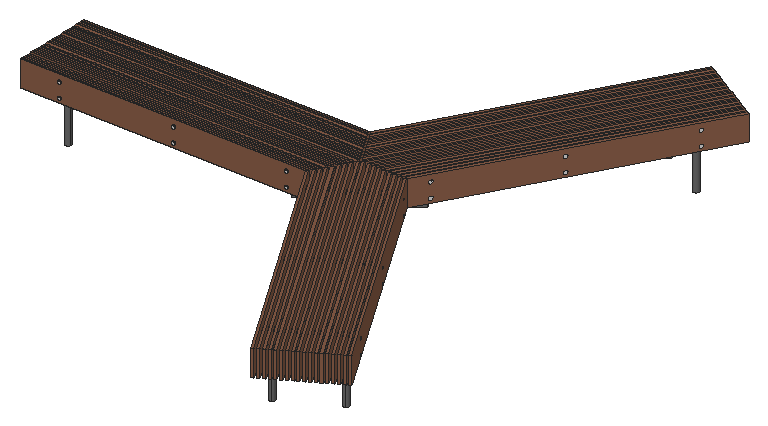
Revit family "FS_Скамейка_Линия трехлучевая_R16", category Антураж, Revit 2016 (continued)
Automatic sketch dimensions
  Extrusion 82 sketch curve to Extrusion 82 sketch curve = 50 mm
  Extrusion 83 sketch curve to Extrusion 83 sketch curve = 14 mm
  Extrusion 83 sketch curve to Extrusion 83 sketch curve = 50 mm
  Extrusion 84 sketch curve to Extrusion 84 sketch curve = 14 mm
  Extrusion 84 sketch curve to Extrusion 84 sketch curve = 50 mm
  Extrusion 85 sketch curve to Extrusion 85 sketch curve = 14 mm
  Extrusion 85 sketch curve to Extrusion 85 sketch curve = 50 mm
  Extrusion 86 sketch curve to Extrusion 86 sketch curve = 14 mm
  Extrusion 86 sketch curve to Extrusion 86 sketch curve = 50 mm
  Extrusion 87 sketch curve to Extrusion 87 sketch curve = 14 mm
  Extrusion 87 sketch curve to Extrusion 87 sketch curve = 50 mm
  Extrusion 88 sketch curve to Extrusion 88 sketch curve = 14 mm
  Extrusion 88 sketch curve to Extrusion 88 sketch curve = 50 mm
  Extrusion 89 sketch curve to Extrusion 89 sketch curve = 14 mm
  Extrusion 89 sketch curve to Extrusion 89 sketch curve = 50 mm
  Extrusion 90 sketch curve to Extrusion 90 sketch curve = 14 mm
  Extrusion 90 sketch curve to Extrusion 90 sketch curve = 50 mm
  Extrusion 91 sketch curve to Extrusion 91 sketch curve = 14 mm
  Extrusion 91 sketch curve to Extrusion 91 sketch curve = 50 mm
  Extrusion 92 sketch curve to Extrusion 92 sketch curve = 14 mm
  Extrusion 92 sketch curve to Extrusion 92 sketch curve = 50 mm
  Extrusion 93 sketch curve to Extrusion 93 sketch curve = 14 mm
  Extrusion 93 sketch curve to Extrusion 93 sketch curve = 50 mm
  Extrusion 94 sketch curve to Extrusion 94 sketch curve = 14 mm
  Extrusion 94 sketch curve to Extrusion 94 sketch curve = 50 mm
  Extrusion 95 sketch curve to Extrusion 95 sketch curve = 14 mm
  Extrusion 95 sketch curve to Extrusion 95 sketch curve = 50 mm
  Extrusion 96 sketch curve to Extrusion 96 sketch curve = 14 mm
  Extrusion 96 sketch curve to Extrusion 96 sketch curve = 50 mm
  Extrusion 97 sketch curve to Extrusion 97 sketch curve = 14 mm
  Extrusion 97 sketch curve to Extrusion 97 sketch curve = 50 mm
  Extrusion 98 sketch curve to Extrusion 98 sketch curve = 14 mm
  Extrusion 98 sketch curve to Extrusion 98 sketch curve = 50 mm
  Extrusion 99 sketch curve to Extrusion 99 sketch curve = 14 mm
  Extrusion 99 sketch curve to Extrusion 99 sketch curve = 50 mm
  Extrusion 100 sketch curve to Extrusion 100 sketch curve = 14 mm
  Extrusion 100 sketch curve to Extrusion 100 sketch curve = 50 mm
  Extrusion 101 sketch curve to Extrusion 101 sketch curve = 14 mm
  Extrusion 101 sketch curve to Extrusion 101 sketch curve = 50 mm
  Extrusion 102 sketch curve to Extrusion 102 sketch curve = 14 mm
  Extrusion 102 sketch curve to Extrusion 102 sketch curve = 50 mm
  Extrusion 103 sketch curve to Extrusion 103 sketch curve = 14 mm
  Extrusion 103 sketch curve to Extrusion 103 sketch curve = 50 mm
  Extrusion 104 sketch curve to Extrusion 104 sketch curve = 14 mm
  Extrusion 104 sketch curve to Extrusion 104 sketch curve = 50 mm
  Extrusion 105 sketch curve to Extrusion 105 sketch curve = 14 mm
  Extrusion 105 sketch curve to Extrusion 105 sketch curve = 50 mm
  Extrusion 106 sketch curve to Extrusion 106 sketch curve = 14 mm
  Extrusion 106 sketch curve to Extrusion 106 sketch curve = 50 mm
  Extrusion 107 sketch curve to Extrusion 107 sketch curve = 14 mm
  Extrusion 107 sketch curve to Extrusion 107 sketch curve = 50 mm
  Extrusion 108 sketch curve to Extrusion 108 sketch curve = 14 mm
  Extrusion 108 sketch curve to Extrusion 108 sketch curve = 50 mm
  Extrusion 109 sketch curve to Extrusion 109 sketch curve = 14 mm
  Extrusion 109 sketch curve to Extrusion 109 sketch curve = 50 mm
  Extrusion 110 sketch curve to Extrusion 110 sketch curve = 14 mm
  Extrusion 110 sketch curve to Extrusion 110 sketch curve = 50 mm
  Extrusion 111 sketch curve to Extrusion 111 sketch curve = 14 mm
  Extrusion 111 sketch curve to Extrusion 111 sketch curve = 50 mm
  Extrusion 112 sketch curve to Extrusion 112 sketch curve = 14 mm
  Extrusion 112 sketch curve to Extrusion 112 sketch curve = 50 mm
  Extrusion 113 sketch curve to Extrusion 113 sketch curve = 14 mm
  Extrusion 113 sketch curve to Extrusion 113 sketch curve = 50 mm
  Extrusion 114 sketch curve to Extrusion 114 sketch curve = 14 mm
  Extrusion 114 sketch curve to Extrusion 114 sketch curve = 50 mm
  Extrusion 115 sketch curve to Extrusion 115 sketch curve = 14 mm
  Extrusion 115 sketch curve to Extrusion 115 sketch curve = 50 mm
  Extrusion 116 sketch curve to Extrusion 116 sketch curve = 14 mm
  Extrusion 116 sketch curve to Extrusion 116 sketch curve = 50 mm
  Extrusion 117 sketch curve to Extrusion 117 sketch curve = 14 mm
  Extrusion 117 sketch curve to Extrusion 117 sketch curve = 50 mm
  Extrusion 118 sketch curve to Extrusion 118 sketch curve = 14 mm
  Extrusion 118 sketch curve to Extrusion 118 sketch curve = 50 mm
  Extrusion 119 sketch curve to Extrusion 119 sketch curve = 14 mm
  Extrusion 119 sketch curve to Extrusion 119 sketch curve = 50 mm
  Extrusion 120 sketch curve to Extrusion 120 sketch curve = 14 mm
  Extrusion 120 sketch curve to Extrusion 120 sketch curve = 50 mm
  Extrusion 121 sketch curve to Extrusion 121 sketch curve = 14 mm
  Extrusion 121 sketch curve to Extrusion 121 sketch curve = 50 mm
  Extrusion 122 sketch curve to Extrusion 122 sketch curve = 14 mm
  Extrusion 122 sketch curve to Extrusion 122 sketch curve = 50 mm
  Extrusion 123 sketch curve to Extrusion 123 sketch curve = 14 mm
  Extrusion 123 sketch curve to Extrusion 123 sketch curve = 50 mm
  Extrusion 124 sketch curve to Extrusion 124 sketch curve = 14 mm
  Extrusion 124 sketch curve to Extrusion 124 sketch curve = 50 mm
  Extrusion 125 sketch curve to Extrusion 125 sketch curve = 14 mm
  Extrusion 125 sketch curve to Extrusion 125 sketch curve = 50 mm
  Extrusion 126 sketch curve to Extrusion 126 sketch curve = 14 mm
  Extrusion 126 sketch curve to Extrusion 126 sketch curve = 50 mm
  Extrusion 127 sketch curve to Extrusion 127 sketch curve = 14 mm
  Extrusion 127 sketch curve to Extrusion 127 sketch curve = 50 mm
  Extrusion 128 sketch curve to Extrusion 128 sketch curve = 14 mm
  Extrusion 128 sketch curve to Extrusion 128 sketch curve = 50 mm
  Extrusion 129 sketch curve to Extrusion 129 sketch curve = 14 mm
  Extrusion 129 sketch curve to Extrusion 129 sketch curve = 50 mm
  Extrusion 130 sketch curve to Extrusion 130 sketch curve = 14 mm
  Extrusion 130 sketch curve to Extrusion 130 sketch curve = 50 mm
  Extrusion 131 sketch curve to Extrusion 131 sketch curve = 14 mm
  Extrusion 131 sketch curve to Extrusion 131 sketch curve = 50 mm
  Extrusion 132 sketch curve to Extrusion 132 sketch curve = 14 mm
  Extrusion 132 sketch curve to Extrusion 132 sketch curve = 50 mm
  Extrusion 133 sketch curve to Extrusion 133 sketch curve = 14 mm
  Extrusion 133 sketch curve to Extrusion 133 sketch curve = 50 mm
  Extrusion 134 sketch curve to Extrusion 134 sketch curve = 14 mm
  Extrusion 134 sketch curve to Extrusion 134 sketch curve = 50 mm
  Extrusion 135 sketch curve to Extrusion 135 sketch curve = 14 mm
  Extrusion 135 sketch curve to Extrusion 135 sketch curve = 50 mm
  Extrusion 136 sketch curve to Extrusion 136 sketch curve = 14 mm
  Extrusion 136 sketch curve to Extrusion 136 sketch curve = 50 mm
  Extrusion 137 sketch curve to Extrusion 137 sketch curve = 14 mm
  Extrusion 137 sketch curve to Extrusion 137 sketch curve = 50 mm
  Extrusion 138 sketch curve to Extrusion 138 sketch curve = 14 mm
  Extrusion 138 sketch curve to Extrusion 138 sketch curve = 50 mm
  Extrusion 139 sketch curve to Extrusion 139 sketch curve = 14 mm
  Extrusion 139 sketch curve to Extrusion 139 sketch curve = 50 mm
  Extrusion 140 sketch curve to Extrusion 140 sketch curve = 14 mm
  Extrusion 140 sketch curve to Extrusion 140 sketch curve = 50 mm
  Extrusion 141 sketch curve to Extrusion 141 sketch curve = 14 mm
  Extrusion 141 sketch curve to Extrusion 141 sketch curve = 50 mm
  Extrusion 142 sketch curve to Extrusion 142 sketch curve = 14 mm
  Extrusion 142 sketch curve to Extrusion 142 sketch curve = 50 mm
  Extrusion 143 sketch curve to Extrusion 143 sketch curve = 14 mm
  Extrusion 143 sketch curve to Extrusion 143 sketch curve = 50 mm
  Extrusion 144 sketch curve to Extrusion 144 sketch curve = 14 mm
  Extrusion 144 sketch curve to Extrusion 144 sketch curve = 50 mm
  Extrusion 145 sketch curve to Extrusion 145 sketch curve = 14 mm
  Extrusion 145 sketch curve to Extrusion 145 sketch curve = 50 mm
  Extrusion 146 sketch curve to Extrusion 146 sketch curve = 14 mm
  Extrusion 146 sketch curve to Extrusion 146 sketch curve = 50 mm
  Extrusion 147 sketch curve to Extrusion 147 sketch curve = 14 mm
  Extrusion 147 sketch curve to Extrusion 147 sketch curve = 50 mm
  Extrusion 148 sketch curve to Extrusion 148 sketch curve = 14 mm
  Extrusion 148 sketch curve to Extrusion 148 sketch curve = 50 mm
  Extrusion 149 sketch curve to Extrusion 149 sketch curve = 14 mm
  Extrusion 149 sketch curve to Extrusion 149 sketch curve = 50 mm
  Extrusion 150 sketch curve to Extrusion 150 sketch curve = 14 mm
  Extrusion 150 sketch curve to Extrusion 150 sketch curve = 50 mm
  Extrusion 151 sketch curve to Extrusion 151 sketch curve = 14 mm
  Extrusion 151 sketch curve to Extrusion 151 sketch curve = 50 mm
  Extrusion 152 sketch curve to Extrusion 152 sketch curve = 14 mm
  Extrusion 152 sketch curve to Extrusion 152 sketch curve = 50 mm
  Extrusion 153 sketch curve to Extrusion 153 sketch curve = 14 mm
  Extrusion 153 sketch curve to Extrusion 153 sketch curve = 50 mm
  Extrusion 154 sketch curve to Extrusion 154 sketch curve = 14 mm
  Extrusion 154 sketch curve to Extrusion 154 sketch curve = 50 mm
  Extrusion 155 sketch curve to Extrusion 155 sketch curve = 0 mm  (x5)
  Extrusion 155 sketch curve to Extrusion 155 sketch curve = 745 mm
  Extrusion 156 sketch curve to Extrusion 156 sketch curve = 0 mm  (x5)
  Extrusion 155 sketch curve to Extrusion 155 sketch curve = 750 mm
  Extrusion 155 sketch curve to Extrusion 155 sketch curve = 95 mm  (x3)
  Extrusion 156 sketch curve to Extrusion 156 sketch curve = 745 mm
  Extrusion 156 sketch curve to Extrusion 156 sketch curve = 750 mm
  Extrusion 156 sketch curve to Extrusion 156 sketch curve = 95 mm  (x3)
  Extrusion 157 sketch curve to Extrusion 157 sketch curve = 0 mm  (x5)
  Extrusion 157 sketch curve to Extrusion 157 sketch curve = 745 mm
  Extrusion 158 sketch curve to Extrusion 158 sketch curve = 0 mm  (x5)
  Extrusion 157 sketch curve to Extrusion 157 sketch curve = 750 mm
  Extrusion 157 sketch curve to Extrusion 157 sketch curve = 95 mm  (x3)
  Extrusion 158 sketch curve to Extrusion 158 sketch curve = 745 mm
  Extrusion 158 sketch curve to Extrusion 158 sketch curve = 750 mm
  Extrusion 158 sketch curve to Extrusion 158 sketch curve = 95 mm  (x3)
  Extrusion 159 sketch curve to Extrusion 159 sketch curve = 0 mm  (x5)
  Extrusion 159 sketch curve to Extrusion 159 sketch curve = 745 mm
  Extrusion 160 sketch curve to Extrusion 160 sketch curve = 0 mm  (x5)
  Extrusion 159 sketch curve to Extrusion 159 sketch curve = 750 mm
  Extrusion 159 sketch curve to Extrusion 159 sketch curve = 95 mm  (x3)
  Extrusion 160 sketch curve to Extrusion 160 sketch curve = 745 mm
  Extrusion 160 sketch curve to Extrusion 160 sketch curve = 750 mm
  Extrusion 160 sketch curve to Extrusion 160 sketch curve = 95 mm  (x3)
  Extrusion 155 sketch curve to nested 5 = 45 mm
  nested 5 to Extrusion 155 sketch curve = 128.157 mm
  Extrusion 156 sketch curve to plane 21 = 0 mm
  plane 18 to Extrusion 156 sketch curve = 30 mm
  Extrusion 157 sketch curve to plane 15 = 0 mm
  Extrusion 157 sketch curve to plane 19 = 45 mm
  Extrusion 158 sketch curve to plane 15 = 0 mm
  plane 18 to Extrusion 158 sketch curve = 30 mm
  Extrusion 159 sketch curve to plane 16 = 0 mm
  Extrusion 159 sketch curve to plane 19 = 45 mm
  Extrusion 160 sketch curve to plane 16 = 0 mm
  plane 18 to Extrusion 160 sketch curve = 30 mm
  plane 17 to Extrusion 1 sketch curve = 25 mm
  plane 7 to Extrusion 1 sketch curve = 18 mm
  plane 17 to Extrusion 2 sketch curve = 25 mm
  plane 7 to Extrusion 2 sketch curve = 48 mm
  plane 17 to Extrusion 3 sketch curve = 25 mm
  plane 7 to Extrusion 3 sketch curve = 78 mm
  plane 17 to Extrusion 4 sketch curve = 25 mm
  plane 7 to Extrusion 4 sketch curve = 108 mm
  plane 17 to Extrusion 5 sketch curve = 25 mm
  Extrusion 5 sketch curve to plane 1 "По центру (Вперед/Назад)" = 127 mm
  plane 17 to Extrusion 6 sketch curve = 25 mm
  Extrusion 6 sketch curve to plane 1 "По центру (Вперед/Назад)" = 97 mm
  plane 17 to Extrusion 7 sketch curve = 25 mm
  Extrusion 7 sketch curve to plane 1 "По центру (Вперед/Назад)" = 67 mm
  plane 17 to Extrusion 8 sketch curve = 25 mm
  Extrusion 8 sketch curve to plane 1 "По центру (Вперед/Назад)" = 37 mm
  Extrusion 9 sketch curve to plane 1 "По центру (Вперед/Назад)" = 7 mm
  plane 17 to Extrusion 9 sketch curve = 25 mm
  plane 17 to Extrusion 10 sketch curve = 25 mm
  plane 1 "По центру (Вперед/Назад)" to Extrusion 10 sketch curve = 23 mm
  plane 17 to Extrusion 11 sketch curve = 25 mm
  plane 1 "По центру (Вперед/Назад)" to Extrusion 11 sketch curve = 53 mm
  plane 17 to Extrusion 12 sketch curve = 25 mm
  plane 1 "По центру (Вперед/Назад)" to Extrusion 12 sketch curve = 83 mm
  plane 17 to Extrusion 13 sketch curve = 25 mm
  plane 1 "По центру (Вперед/Назад)" to Extrusion 13 sketch curve = 113 mm
  plane 17 to Extrusion 14 sketch curve = 25 mm
  Extrusion 14 sketch curve to plane 6 = 122 mm
  plane 17 to Extrusion 15 sketch curve = 25 mm
  Extrusion 15 sketch curve to plane 6 = 92 mm
  plane 17 to Extrusion 16 sketch curve = 25 mm
  Extrusion 16 sketch curve to plane 6 = 62 mm
  plane 17 to Extrusion 17 sketch curve = 25 mm
  Extrusion 17 sketch curve to plane 6 = 32 mm
  plane 21 to Extrusion 18 sketch curve = 25 mm
  plane 7 to Extrusion 18 sketch curve = 18 mm
  plane 21 to Extrusion 19 sketch curve = 25 mm
  plane 7 to Extrusion 19 sketch curve = 48 mm
  plane 21 to Extrusion 20 sketch curve = 25 mm
  plane 7 to Extrusion 20 sketch curve = 78 mm
  plane 21 to Extrusion 21 sketch curve = 25 mm
  plane 7 to Extrusion 21 sketch curve = 108 mm
  plane 21 to Extrusion 22 sketch curve = 25 mm
  Extrusion 22 sketch curve to plane 1 "По центру (Вперед/Назад)" = 127 mm
  plane 21 to Extrusion 23 sketch curve = 25 mm
  Extrusion 23 sketch curve to plane 1 "По центру (Вперед/Назад)" = 97 mm
  plane 21 to Extrusion 24 sketch curve = 25 mm
  Extrusion 24 sketch curve to plane 1 "По центру (Вперед/Назад)" = 67 mm
  plane 21 to Extrusion 25 sketch curve = 25 mm
  Extrusion 25 sketch curve to plane 1 "По центру (Вперед/Назад)" = 37 mm
  Extrusion 26 sketch curve to plane 1 "По центру (Вперед/Назад)" = 7 mm
  plane 21 to Extrusion 26 sketch curve = 25 mm
  plane 21 to Extrusion 27 sketch curve = 25 mm
  plane 1 "По центру (Вперед/Назад)" to Extrusion 27 sketch curve = 23 mm
  plane 21 to Extrusion 28 sketch curve = 25 mm
  plane 1 "По центру (Вперед/Назад)" to Extrusion 28 sketch curve = 53 mm
  plane 21 to Extrusion 29 sketch curve = 25 mm
  plane 1 "По центру (Вперед/Назад)" to Extrusion 29 sketch curve = 83 mm
  plane 21 to Extrusion 30 sketch curve = 25 mm
  plane 1 "По центру (Вперед/Назад)" to Extrusion 30 sketch curve = 113 mm
  plane 21 to Extrusion 31 sketch curve = 25 mm
  Extrusion 31 sketch curve to plane 6 = 122 mm
  plane 21 to Extrusion 32 sketch curve = 25 mm
  Extrusion 32 sketch curve to plane 6 = 92 mm
  plane 21 to Extrusion 33 sketch curve = 25 mm
  Extrusion 33 sketch curve to plane 6 = 62 mm
  plane 21 to Extrusion 34 sketch curve = 25 mm
  Extrusion 34 sketch curve to plane 6 = 32 mm
  plane 7 to Extrusion 35 sketch curve = 18 mm
  Extrusion 35 sketch curve to plane 3 "По центру (Влево/Вправо)" = 255 mm
  plane 7 to Extrusion 36 sketch curve = 48 mm
  Extrusion 36 sketch curve to plane 3 "По центру (Влево/Вправо)" = 255 mm
  plane 7 to Extrusion 37 sketch curve = 78 mm
  Extrusion 37 sketch curve to plane 3 "По центру (Влево/Вправо)" = 255 mm
  plane 7 to Extrusion 38 sketch curve = 108 mm
  Extrusion 38 sketch curve to plane 3 "По центру (Влево/Вправо)" = 255 mm
  Extrusion 39 sketch curve to plane 1 "По центру (Вперед/Назад)" = 127 mm
  Extrusion 39 sketch curve to plane 3 "По центру (Влево/Вправо)" = 255 mm
  Extrusion 40 sketch curve to plane 1 "По центру (Вперед/Назад)" = 97 mm
  Extrusion 40 sketch curve to plane 3 "По центру (Влево/Вправо)" = 255 mm
  Extrusion 41 sketch curve to plane 1 "По центру (Вперед/Назад)" = 67 mm
  Extrusion 41 sketch curve to plane 3 "По центру (Влево/Вправо)" = 255 mm
  Extrusion 42 sketch curve to plane 1 "По центру (Вперед/Назад)" = 37 mm
  Extrusion 42 sketch curve to plane 3 "По центру (Влево/Вправо)" = 255 mm
  Extrusion 43 sketch curve to plane 1 "По центру (Вперед/Назад)" = 7 mm
  Extrusion 43 sketch curve to plane 3 "По центру (Влево/Вправо)" = 255 mm
  plane 1 "По центру (Вперед/Назад)" to Extrusion 44 sketch curve = 23 mm
  Extrusion 44 sketch curve to plane 3 "По центру (Влево/Вправо)" = 255 mm
  plane 1 "По центру (Вперед/Назад)" to Extrusion 45 sketch curve = 53 mm
  Extrusion 45 sketch curve to plane 3 "По центру (Влево/Вправо)" = 255 mm
  plane 1 "По центру (Вперед/Назад)" to Extrusion 46 sketch curve = 83 mm
  Extrusion 46 sketch curve to plane 3 "По центру (Влево/Вправо)" = 255 mm
  plane 1 "По центру (Вперед/Назад)" to Extrusion 47 sketch curve = 113 mm
  Extrusion 47 sketch curve to plane 3 "По центру (Влево/Вправо)" = 255 mm
  Extrusion 48 sketch curve to plane 6 = 122 mm
  Extrusion 48 sketch curve to plane 3 "По центру (Влево/Вправо)" = 255 mm
  Extrusion 49 sketch curve to plane 6 = 92 mm
  Extrusion 49 sketch curve to plane 3 "По центру (Влево/Вправо)" = 255 mm
  Extrusion 50 sketch curve to plane 6 = 62 mm
  Extrusion 50 sketch curve to plane 3 "По центру (Влево/Вправо)" = 255 mm
  Extrusion 51 sketch curve to plane 6 = 32 mm
  Extrusion 51 sketch curve to plane 3 "По центру (Влево/Вправо)" = 255 mm
  plane 15 to Extrusion 53 sketch curve = 25 mm
  plane 9 to Extrusion 53 sketch curve = 18 mm
  plane 15 to Extrusion 54 sketch curve = 25 mm
  plane 9 to Extrusion 54 sketch curve = 48 mm
  plane 15 to Extrusion 55 sketch curve = 25 mm
  plane 9 to Extrusion 55 sketch curve = 78 mm
  plane 15 to Extrusion 56 sketch curve = 25 mm
  plane 9 to Extrusion 56 sketch curve = 108 mm
  plane 15 to Extrusion 57 sketch curve = 25 mm
  Extrusion 57 sketch curve to plane 4 = 127 mm
  plane 15 to Extrusion 58 sketch curve = 25 mm
  Extrusion 58 sketch curve to plane 4 = 97 mm
  plane 15 to Extrusion 59 sketch curve = 25 mm
  Extrusion 59 sketch curve to plane 4 = 67 mm
  plane 15 to Extrusion 60 sketch curve = 25 mm
  Extrusion 60 sketch curve to plane 4 = 37 mm
  Extrusion 61 sketch curve to plane 4 = 7 mm
  plane 15 to Extrusion 61 sketch curve = 25 mm
  plane 15 to Extrusion 62 sketch curve = 25 mm
  plane 4 to Extrusion 62 sketch curve = 23 mm
  plane 15 to Extrusion 63 sketch curve = 25 mm
  plane 4 to Extrusion 63 sketch curve = 53 mm
  plane 15 to Extrusion 64 sketch curve = 25 mm
  plane 4 to Extrusion 64 sketch curve = 83 mm
  plane 15 to Extrusion 65 sketch curve = 25 mm
  plane 4 to Extrusion 65 sketch curve = 113 mm
  plane 15 to Extrusion 66 sketch curve = 25 mm
  Extrusion 66 sketch curve to plane 8 = 122 mm
  plane 15 to Extrusion 67 sketch curve = 25 mm
  Extrusion 67 sketch curve to plane 8 = 92 mm
  plane 15 to Extrusion 68 sketch curve = 25 mm
  Extrusion 68 sketch curve to plane 8 = 62 mm
  plane 15 to Extrusion 69 sketch curve = 25 mm
  Extrusion 69 sketch curve to plane 8 = 32 mm
  plane 9 to Extrusion 70 sketch curve = 18 mm
  plane 15 to Extrusion 70 sketch curve = 775 mm
  plane 9 to Extrusion 71 sketch curve = 48 mm
  plane 15 to Extrusion 71 sketch curve = 775 mm
  plane 9 to Extrusion 72 sketch curve = 78 mm
  plane 15 to Extrusion 72 sketch curve = 775 mm
  plane 9 to Extrusion 73 sketch curve = 108 mm
  plane 15 to Extrusion 73 sketch curve = 775 mm
  Extrusion 74 sketch curve to plane 4 = 127 mm
  plane 15 to Extrusion 74 sketch curve = 775 mm
  Extrusion 75 sketch curve to plane 4 = 97 mm
  plane 15 to Extrusion 75 sketch curve = 775 mm
  Extrusion 76 sketch curve to plane 4 = 67 mm
  plane 15 to Extrusion 76 sketch curve = 775 mm
  Extrusion 77 sketch curve to plane 4 = 37 mm
  plane 15 to Extrusion 77 sketch curve = 775 mm
  Extrusion 78 sketch curve to plane 4 = 7 mm
  plane 15 to Extrusion 78 sketch curve = 775 mm
  plane 4 to Extrusion 79 sketch curve = 23 mm
  plane 15 to Extrusion 79 sketch curve = 775 mm
  plane 4 to Extrusion 80 sketch curve = 53 mm
  plane 15 to Extrusion 80 sketch curve = 775 mm
  plane 4 to Extrusion 81 sketch curve = 83 mm
  plane 15 to Extrusion 81 sketch curve = 775 mm
  plane 4 to Extrusion 82 sketch curve = 113 mm
  plane 15 to Extrusion 82 sketch curve = 775 mm
  Extrusion 83 sketch curve to plane 8 = 122 mm
  plane 15 to Extrusion 83 sketch curve = 775 mm
  Extrusion 84 sketch curve to plane 8 = 92 mm
  plane 15 to Extrusion 84 sketch curve = 775 mm
  Extrusion 85 sketch curve to plane 8 = 62 mm
  plane 15 to Extrusion 85 sketch curve = 775 mm
  Extrusion 86 sketch curve to plane 8 = 32 mm
  plane 15 to Extrusion 86 sketch curve = 775 mm
  plane 9 to Extrusion 87 sketch curve = 18 mm
  plane 15 to Extrusion 87 sketch curve = 1520 mm
  plane 9 to Extrusion 88 sketch curve = 48 mm
  plane 15 to Extrusion 88 sketch curve = 1520 mm
  plane 9 to Extrusion 89 sketch curve = 78 mm
  plane 15 to Extrusion 89 sketch curve = 1520 mm
  plane 9 to Extrusion 90 sketch curve = 108 mm
  plane 15 to Extrusion 90 sketch curve = 1520 mm
  Extrusion 91 sketch curve to plane 4 = 127 mm
  plane 15 to Extrusion 91 sketch curve = 1520 mm
  Extrusion 92 sketch curve to plane 4 = 97 mm
  plane 15 to Extrusion 92 sketch curve = 1520 mm
  Extrusion 93 sketch curve to plane 4 = 67 mm
  plane 15 to Extrusion 93 sketch curve = 1520 mm
  Extrusion 94 sketch curve to plane 4 = 37 mm
  plane 15 to Extrusion 94 sketch curve = 1520 mm
  Extrusion 95 sketch curve to plane 4 = 7 mm
  plane 15 to Extrusion 95 sketch curve = 1520 mm
  plane 4 to Extrusion 96 sketch curve = 23 mm
  plane 15 to Extrusion 96 sketch curve = 1520 mm
  plane 4 to Extrusion 97 sketch curve = 53 mm
  plane 15 to Extrusion 97 sketch curve = 1520 mm
  plane 4 to Extrusion 98 sketch curve = 83 mm
  plane 15 to Extrusion 98 sketch curve = 1520 mm
  plane 4 to Extrusion 99 sketch curve = 113 mm
  plane 15 to Extrusion 99 sketch curve = 1520 mm
  Extrusion 100 sketch curve to plane 8 = 122 mm
  plane 15 to Extrusion 100 sketch curve = 1520 mm
  Extrusion 101 sketch curve to plane 8 = 92 mm
  plane 15 to Extrusion 101 sketch curve = 1520 mm
  Extrusion 102 sketch curve to plane 8 = 62 mm
  plane 15 to Extrusion 102 sketch curve = 1520 mm
  Extrusion 103 sketch curve to plane 8 = 32 mm
  plane 15 to Extrusion 103 sketch curve = 1520 mm
  plane 16 to Extrusion 104 sketch curve = 25 mm
  plane 11 to Extrusion 104 sketch curve = 18 mm
  plane 16 to Extrusion 105 sketch curve = 25 mm
  plane 11 to Extrusion 105 sketch curve = 48 mm
  plane 16 to Extrusion 106 sketch curve = 25 mm
  plane 11 to Extrusion 106 sketch curve = 78 mm
  plane 16 to Extrusion 107 sketch curve = 25 mm
  plane 11 to Extrusion 107 sketch curve = 108 mm
  plane 16 to Extrusion 108 sketch curve = 25 mm
  Extrusion 108 sketch curve to plane 5 = 127 mm
  plane 16 to Extrusion 109 sketch curve = 25 mm
  Extrusion 109 sketch curve to plane 5 = 97 mm
  plane 16 to Extrusion 110 sketch curve = 25 mm
  Extrusion 110 sketch curve to plane 5 = 67 mm
  plane 16 to Extrusion 111 sketch curve = 25 mm
  Extrusion 111 sketch curve to plane 5 = 37 mm
  Extrusion 112 sketch curve to plane 5 = 7 mm
  plane 16 to Extrusion 112 sketch curve = 25 mm
  plane 16 to Extrusion 113 sketch curve = 25 mm
  plane 5 to Extrusion 113 sketch curve = 23 mm
  plane 16 to Extrusion 114 sketch curve = 25 mm
  plane 5 to Extrusion 114 sketch curve = 53 mm
  plane 16 to Extrusion 115 sketch curve = 25 mm
  plane 5 to Extrusion 115 sketch curve = 83 mm
  plane 16 to Extrusion 116 sketch curve = 25 mm
  plane 5 to Extrusion 116 sketch curve = 113 mm
  plane 16 to Extrusion 117 sketch curve = 25 mm
  Extrusion 117 sketch curve to plane 10 = 122 mm
  plane 16 to Extrusion 118 sketch curve = 25 mm
  Extrusion 118 sketch curve to plane 10 = 92 mm
  plane 16 to Extrusion 119 sketch curve = 25 mm
  Extrusion 119 sketch curve to plane 10 = 62 mm
  plane 16 to Extrusion 120 sketch curve = 25 mm
  Extrusion 120 sketch curve to plane 10 = 32 mm
  plane 11 to Extrusion 121 sketch curve = 18 mm
  plane 16 to Extrusion 121 sketch curve = 775 mm
  plane 11 to Extrusion 122 sketch curve = 48 mm
  plane 16 to Extrusion 122 sketch curve = 775 mm
  plane 11 to Extrusion 123 sketch curve = 78 mm
  plane 16 to Extrusion 123 sketch curve = 775 mm
  plane 11 to Extrusion 124 sketch curve = 108 mm
  plane 16 to Extrusion 124 sketch curve = 775 mm
  Extrusion 125 sketch curve to plane 5 = 127 mm
  plane 16 to Extrusion 125 sketch curve = 775 mm
  Extrusion 126 sketch curve to plane 5 = 97 mm
  plane 16 to Extrusion 126 sketch curve = 775 mm
  Extrusion 127 sketch curve to plane 5 = 67 mm
  plane 16 to Extrusion 127 sketch curve = 775 mm
  Extrusion 128 sketch curve to plane 5 = 37 mm
  plane 16 to Extrusion 128 sketch curve = 775 mm
  Extrusion 129 sketch curve to plane 5 = 7 mm
  plane 16 to Extrusion 129 sketch curve = 775 mm
  plane 5 to Extrusion 130 sketch curve = 23 mm
  plane 16 to Extrusion 130 sketch curve = 775 mm
  plane 5 to Extrusion 131 sketch curve = 53 mm
  plane 16 to Extrusion 131 sketch curve = 775 mm
  plane 5 to Extrusion 132 sketch curve = 83 mm
  plane 16 to Extrusion 132 sketch curve = 775 mm
  plane 5 to Extrusion 133 sketch curve = 113 mm
  plane 16 to Extrusion 133 sketch curve = 775 mm
  Extrusion 134 sketch curve to plane 10 = 122 mm
  plane 16 to Extrusion 134 sketch curve = 775 mm
  Extrusion 135 sketch curve to plane 10 = 92 mm
  plane 16 to Extrusion 135 sketch curve = 775 mm
  Extrusion 136 sketch curve to plane 10 = 62 mm
  plane 16 to Extrusion 136 sketch curve = 775 mm
  Extrusion 137 sketch curve to plane 10 = 32 mm
  plane 16 to Extrusion 137 sketch curve = 775 mm
  plane 11 to Extrusion 138 sketch curve = 18 mm
  plane 16 to Extrusion 138 sketch curve = 1520 mm
  plane 11 to Extrusion 139 sketch curve = 48 mm
  plane 16 to Extrusion 139 sketch curve = 1520 mm
  plane 11 to Extrusion 140 sketch curve = 78 mm
  plane 16 to Extrusion 140 sketch curve = 1520 mm
  plane 11 to Extrusion 141 sketch curve = 108 mm
  plane 16 to Extrusion 141 sketch curve = 1520 mm
  Extrusion 142 sketch curve to plane 5 = 127 mm
  plane 16 to Extrusion 142 sketch curve = 1520 mm
  Extrusion 143 sketch curve to plane 5 = 97 mm
  plane 16 to Extrusion 143 sketch curve = 1520 mm
  Extrusion 144 sketch curve to plane 5 = 67 mm
  plane 16 to Extrusion 144 sketch curve = 1520 mm
  Extrusion 145 sketch curve to plane 5 = 37 mm
  plane 16 to Extrusion 145 sketch curve = 1520 mm
  Extrusion 146 sketch curve to plane 5 = 7 mm
  plane 16 to Extrusion 146 sketch curve = 1520 mm
  plane 5 to Extrusion 147 sketch curve = 23 mm
  plane 16 to Extrusion 147 sketch curve = 1520 mm
  plane 5 to Extrusion 148 sketch curve = 53 mm
  plane 16 to Extrusion 148 sketch curve = 1520 mm
  plane 5 to Extrusion 149 sketch curve = 83 mm
  plane 16 to Extrusion 149 sketch curve = 1520 mm
  plane 5 to Extrusion 150 sketch curve = 113 mm
  plane 16 to Extrusion 150 sketch curve = 1520 mm
  Extrusion 151 sketch curve to plane 10 = 122 mm
  plane 16 to Extrusion 151 sketch curve = 1520 mm
  Extrusion 152 sketch curve to plane 10 = 92 mm
  plane 16 to Extrusion 152 sketch curve = 1520 mm
  Extrusion 153 sketch curve to plane 10 = 62 mm
  plane 16 to Extrusion 153 sketch curve = 1520 mm
  Extrusion 154 sketch curve to plane 10 = 32 mm
  plane 16 to Extrusion 154 sketch curve = 1520 mm
  radius of Extrusion 155 sketch curve = 10 mm  (x6)
  radius of Extrusion 156 sketch curve = 10 mm  (x6)
  radius of Extrusion 157 sketch curve = 10 mm  (x6)
  radius of Extrusion 158 sketch curve = 10 mm  (x6)
  radius of Extrusion 159 sketch curve = 10 mm  (x6)
  radius of Extrusion 160 sketch curve = 10 mm  (x6)
Nested families
  nested 1: "FS_Скамейка_Линия_Опора" at (-1775, 0, 0), type "FS_Скамейка_Линия_Опора"
  nested 2: "FS_Скамейка_Линия_Опора" at (887.5, 1537.195, 0) x (-0.5, -0.866, 0) z (0, 0, 1), type "FS_Скамейка_Линия_Опора"
  nested 3: "FS_Скамейка_Линия_Опора" at (887.5, -1537.195, 0) x (-0.5, 0.866, 0) z (0, 0, 1), type "FS_Скамейка_Линия_Опора"
  nested 4: "FS_Скамейка_Линия_Опора центральная" at (0, 0, 0), type "FS_Скамейка_Линия_Опора центральная"
  nested 5: "Брус_Без фаски" at (-1093.422, -255, 355) x (0, 0, 1) z (1, 0, 0), type "170x16"
    with Длина 1883.157 mm, Ширина 170 mm, Толщина 16 mm, Кремление_Видимость no
  nested 6: "Брус_Без фаски" at (-1084.761, -225, 355) x (0, 0, 1) z (1, 0, 0), type "170x16"
    with Длина 1900.477 mm, Ширина 170 mm, Толщина 16 mm, Кремление_Видимость no
  nested 7: "Брус_Без фаски" at (-1076.101, -195, 355) x (0, 0, 1) z (1, 0, 0), type "170x16"
    with Длина 1917.798 mm, Ширина 170 mm, Толщина 16 mm, Кремление_Видимость no
  nested 8: "Брус_Без фаски" at (-1067.441, -165, 355) x (0, 0, 1) z (1, 0, 0), type "170x16"
    with Длина 1935.118 mm, Ширина 170 mm, Толщина 16 mm, Кремление_Видимость no
  nested 9: "Брус_Без фаски" at (-1058.781, -135, 355) x (0, 0, 1) z (1, 0, 0), type "170x16"
    with Длина 1952.439 mm, Ширина 170 mm, Толщина 16 mm, Кремление_Видимость no
  nested 10: "Брус_Без фаски" at (-1050.12, -105, 355) x (0, 0, 1) z (1, 0, 0), type "170x16"
    with Длина 1969.759 mm, Ширина 170 mm, Толщина 16 mm, Кремление_Видимость no
  nested 11: "Брус_Без фаски" at (-1041.46, -75, 355) x (0, 0, 1) z (1, 0, 0), type "170x16"
    with Длина 1987.08 mm, Ширина 170 mm, Толщина 16 mm, Кремление_Видимость no
  nested 12: "Брус_Без фаски" at (-1032.8, -45, 355) x (0, 0, 1) z (1, 0, 0), type "170x16"
    with Длина 2004.4 mm, Ширина 170 mm, Толщина 16 mm, Кремление_Видимость no
  nested 13: "Брус_Без фаски" at (-1024.14, -15, 355) x (0, 0, 1) z (1, 0, 0), type "170x16"
    with Длина 2021.721 mm, Ширина 170 mm, Толщина 16 mm, Кремление_Видимость no
  nested 14: "Брус_Без фаски" at (-1093.422, 255, 355) x (0, 0, 1) z (1, 0, 0), type "170x16"
    with Длина 1883.157 mm, Ширина 170 mm, Толщина 16 mm, Кремление_Видимость no
  nested 15: "Брус_Без фаски" at (-1084.761, 225, 355) x (0, 0, 1) z (1, 0, 0), type "170x16"
    with Длина 1900.477 mm, Ширина 170 mm, Толщина 16 mm, Кремление_Видимость no
  nested 16: "Брус_Без фаски" at (-1076.101, 195, 355) x (0, 0, 1) z (1, 0, 0), type "170x16"
    with Длина 1917.798 mm, Ширина 170 mm, Толщина 16 mm, Кремление_Видимость no
  nested 17: "Брус_Без фаски" at (-1067.441, 165, 355) x (0, 0, 1) z (1, 0, 0), type "170x16"
    with Длина 1935.118 mm, Ширина 170 mm, Толщина 16 mm, Кремление_Видимость no
  nested 18: "Брус_Без фаски" at (-1058.781, 135, 355) x (0, 0, 1) z (1, 0, 0), type "170x16"
    with Длина 1952.439 mm, Ширина 170 mm, Толщина 16 mm, Кремление_Видимость no
  nested 19: "Брус_Без фаски" at (-1050.12, 105, 355) x (0, 0, 1) z (1, 0, 0), type "170x16"
    with Длина 1969.759 mm, Ширина 170 mm, Толщина 16 mm, Кремление_Видимость no
  nested 20: "Брус_Без фаски" at (-1041.46, 75, 355) x (0, 0, 1) z (1, 0, 0), type "170x16"
    with Длина 1987.08 mm, Ширина 170 mm, Толщина 16 mm, Кремление_Видимость no
  nested 21: "Брус_Без фаски" at (-1032.8, 45, 355) x (0, 0, 1) z (1, 0, 0), type "170x16"
    with Длина 2004.4 mm, Ширина 170 mm, Толщина 16 mm, Кремление_Видимость no
  nested 22: "Брус_Без фаски" at (-1024.14, 15, 355) x (0, 0, 1) z (1, 0, 0), type "170x16"
    with Длина 2021.721 mm, Ширина 170 mm, Толщина 16 mm, Кремление_Видимость no
  nested 23: "Брус_Без фаски" at (325.874, -1074.431, 355) x (0, 0, -1) z (-0.5, 0.866, 0), type "170x16"
    with Длина 1883.157 mm, Ширина 170 mm, Толщина 16 mm, Кремление_Видимость no
  nested 24: "Брус_Без фаски" at (347.525, -1051.931, 355) x (0, 0, -1) z (-0.5, 0.866, 0), type "170x16"
    with Длина 1900.477 mm, Ширина 170 mm, Толщина 16 mm, Кремление_Видимость no
  nested 25: "Брус_Без фаски" at (369.176, -1029.431, 355) x (0, 0, -1) z (-0.5, 0.866, 0), type "170x16"
    with Длина 1917.798 mm, Ширина 170 mm, Толщина 16 mm, Кремление_Видимость no
  nested 26: "Брус_Без фаски" at (390.826, -1006.931, 355) x (0, 0, -1) z (-0.5, 0.866, 0), type "170x16"
    with Длина 1935.118 mm, Ширина 170 mm, Толщина 16 mm, Кремление_Видимость no
  nested 27: "Брус_Без фаски" at (412.477, -984.431, 355) x (0, 0, -1) z (-0.5, 0.866, 0), type "170x16"
    with Длина 1952.439 mm, Ширина 170 mm, Толщина 16 mm, Кремление_Видимость no
  nested 28: "Брус_Без фаски" at (434.127, -961.931, 355) x (0, 0, -1) z (-0.5, 0.866, 0), type "170x16"
    with Длина 1969.759 mm, Ширина 170 mm, Толщина 16 mm, Кремление_Видимость no
  nested 29: "Брус_Без фаски" at (455.778, -939.431, 355) x (0, 0, -1) z (-0.5, 0.866, 0), type "170x16"
    with Длина 1987.08 mm, Ширина 170 mm, Толщина 16 mm, Кремление_Видимость no
  nested 30: "Брус_Без фаски" at (477.429, -916.931, 355) x (0, 0, -1) z (-0.5, 0.866, 0), type "170x16"
    with Длина 2004.4 mm, Ширина 170 mm, Толщина 16 mm, Кремление_Видимость no
  nested 31: "Брус_Без фаски" at (499.079, -894.431, 355) x (0, 0, -1) z (-0.5, 0.866, 0), type "170x16"
    with Длина 2021.721 mm, Ширина 170 mm, Толщина 16 mm, Кремление_Видимость no
  nested 32: "Брус_Без фаски" at (767.547, -819.431, 355) x (0, 0, -1) z (-0.5, 0.866, 0), type "170x16"
    with Длина 1883.157 mm, Ширина 170 mm, Толщина 16 mm, Кремление_Видимость no
  nested 33: "Брус_Без фаски" at (737.236, -826.931, 355) x (0, 0, -1) z (-0.5, 0.866, 0), type "170x16"
    with Длина 1900.477 mm, Ширина 170 mm, Толщина 16 mm, Кремление_Видимость no
  nested 34: "Брус_Без фаски" at (706.925, -834.431, 355) x (0, 0, -1) z (-0.5, 0.866, 0), type "170x16"
    with Длина 1917.798 mm, Ширина 170 mm, Толщина 16 mm, Кремление_Видимость no
  nested 35: "Брус_Без фаски" at (676.615, -841.931, 355) x (0, 0, -1) z (-0.5, 0.866, 0), type "170x16"
    with Длина 1935.118 mm, Ширина 170 mm, Толщина 16 mm, Кремление_Видимость no
  nested 36: "Брус_Без фаски" at (646.304, -849.431, 355) x (0, 0, -1) z (-0.5, 0.866, 0), type "170x16"
    with Длина 1952.439 mm, Ширина 170 mm, Толщина 16 mm, Кремление_Видимость no
  nested 37: "Брус_Без фаски" at (615.993, -856.931, 355) x (0, 0, -1) z (-0.5, 0.866, 0), type "170x16"
    with Длина 1969.759 mm, Ширина 170 mm, Толщина 16 mm, Кремление_Видимость no
  nested 38: "Брус_Без фаски" at (585.682, -864.431, 355) x (0, 0, -1) z (-0.5, 0.866, 0), type "170x16"
    with Длина 1987.08 mm, Ширина 170 mm, Толщина 16 mm, Кремление_Видимость no
  nested 39: "Брус_Без фаски" at (555.371, -871.931, 355) x (0, 0, -1) z (-0.5, 0.866, 0), type "170x16"
    with Длина 2004.4 mm, Ширина 170 mm, Толщина 16 mm, Кремление_Видимость no
  nested 40: "Брус_Без фаски" at (525.06, -879.431, 355) x (0, 0, -1) z (-0.5, 0.866, 0), type "170x16"
    with Длина 2021.721 mm, Ширина 170 mm, Толщина 16 mm, Кремление_Видимость no
  nested 41: "Брус_Без фаски" at (325.874, 1074.431, 355) x (0, 0, -1) z (-0.5, -0.866, 0), type "170x16"
    with Длина 1883.157 mm, Ширина 170 mm, Толщина 16 mm, Кремление_Видимость no
  nested 42: "Брус_Без фаски" at (347.525, 1051.931, 355) x (0, 0, -1) z (-0.5, -0.866, 0), type "170x16"
    with Длина 1900.477 mm, Ширина 170 mm, Толщина 16 mm, Кремление_Видимость no
  nested 43: "Брус_Без фаски" at (369.176, 1029.431, 355) x (0, 0, -1) z (-0.5, -0.866, 0), type "170x16"
    with Длина 1917.798 mm, Ширина 170 mm, Толщина 16 mm, Кремление_Видимость no
  nested 44: "Брус_Без фаски" at (390.826, 1006.931, 355) x (0, 0, -1) z (-0.5, -0.866, 0), type "170x16"
    with Длина 1935.118 mm, Ширина 170 mm, Толщина 16 mm, Кремление_Видимость no
  nested 45: "Брус_Без фаски" at (412.477, 984.431, 355) x (0, 0, -1) z (-0.5, -0.866, 0), type "170x16"
    with Длина 1952.439 mm, Ширина 170 mm, Толщина 16 mm, Кремление_Видимость no
  nested 46: "Брус_Без фаски" at (434.127, 961.931, 355) x (0, 0, -1) z (-0.5, -0.866, 0), type "170x16"
    with Длина 1969.759 mm, Ширина 170 mm, Толщина 16 mm, Кремление_Видимость no
  nested 47: "Брус_Без фаски" at (455.778, 939.431, 355) x (0, 0, -1) z (-0.5, -0.866, 0), type "170x16"
    with Длина 1987.08 mm, Ширина 170 mm, Толщина 16 mm, Кремление_Видимость no
  nested 48: "Брус_Без фаски" at (477.429, 916.931, 355) x (0, 0, -1) z (-0.5, -0.866, 0), type "170x16"
    with Длина 2004.4 mm, Ширина 170 mm, Толщина 16 mm, Кремление_Видимость no
  nested 49: "Брус_Без фаски" at (499.079, 894.431, 355) x (0, 0, -1) z (-0.5, -0.866, 0), type "170x16"
    with Длина 2021.721 mm, Ширина 170 mm, Толщина 16 mm, Кремление_Видимость no
  nested 50: "Брус_Без фаски" at (767.547, 819.431, 355) x (0, 0, -1) z (-0.5, -0.866, 0), type "170x16"
    with Длина 1883.157 mm, Ширина 170 mm, Толщина 16 mm, Кремление_Видимость no
  nested 51: "Брус_Без фаски" at (737.236, 826.931, 355) x (0, 0, -1) z (-0.5, -0.866, 0), type "170x16"
    with Длина 1900.477 mm, Ширина 170 mm, Толщина 16 mm, Кремление_Видимость no
  nested 52: "Брус_Без фаски" at (706.925, 834.431, 355) x (0, 0, -1) z (-0.5, -0.866, 0), type "170x16"
    with Длина 1917.798 mm, Ширина 170 mm, Толщина 16 mm, Кремление_Видимость no
  nested 53: "Брус_Без фаски" at (676.615, 841.931, 355) x (0, 0, -1) z (-0.5, -0.866, 0), type "170x16"
    with Длина 1935.118 mm, Ширина 170 mm, Толщина 16 mm, Кремление_Видимость no
  nested 54: "Брус_Без фаски" at (646.304, 849.431, 355) x (0, 0, -1) z (-0.5, -0.866, 0), type "170x16"
    with Длина 1952.439 mm, Ширина 170 mm, Толщина 16 mm, Кремление_Видимость no
  nested 55: "Брус_Без фаски" at (615.993, 856.931, 355) x (0, 0, -1) z (-0.5, -0.866, 0), type "170x16"
    with Длина 1969.759 mm, Ширина 170 mm, Толщина 16 mm, Кремление_Видимость no
  nested 56: "Брус_Без фаски" at (585.682, 864.431, 355) x (0, 0, -1) z (-0.5, -0.866, 0), type "170x16"
    with Длина 1987.08 mm, Ширина 170 mm, Толщина 16 mm, Кремление_Видимость no
  nested 57: "Брус_Без фаски" at (555.371, 871.931, 355) x (0, 0, -1) z (-0.5, -0.866, 0), type "170x16"
    with Длина 2004.4 mm, Ширина 170 mm, Толщина 16 mm, Кремление_Видимость no
  nested 58: "Брус_Без фаски" at (525.06, 879.431, 355) x (0, 0, -1) z (-0.5, -0.866, 0), type "170x16"
    with Длина 2021.721 mm, Ширина 170 mm, Толщина 16 mm, Кремление_Видимость no
Definition of nested family "FS_Скамейка_Линия_Опора"
  Parameters (values of type "FS_Скамейка_Линия_Опора")
    Ширина = 156 mm
    Длина = 476 mm
    ADSK_Материал опоры = none
  Reference planes
    plane 1 "Center (Front/Back)": y = 0
    plane 2: z = 0
    plane 3 "Center (Left/Right)": x = 0
    plane 4: y = 238
    plane 5: y = -238
    plane 6: x = -78
    plane 7: x = 78
    plane 8: y = 193
    plane 9: y = -193
    plane 10 "1": z = 260
  Forms (mm)
    Extrusion 1, solid, material <- "ADSK_Материал опоры"
      sketch origin (0, 0, 0) x (1, 0, 0) y (0, 1, 0)
        loop
          circle (0, 193) r 18
        loop
          circle (0, -193) r 18
      from 0 to 260
    Extrusion 2, solid, material <- "ADSK_Материал опоры"
      sketch origin (0, 0, 260) x (0, 1, 0) y (-1, 0, 0)
        loop
          line (238, 78) -> (-238, 78) -> (-238, -78) -> (238, -78) -> (238, 78)
      from 0 to 10
  Dimensions and locks
    equal spacing: plane 4, plane 1 "Center (Front/Back)", plane 5
    "Длина": plane 4 to plane 5
    equal spacing: plane 6, plane 3 "Center (Left/Right)", plane 7
    "Ширина": plane 6 to plane 7
    locked: plane 3 "Center (Left/Right)" to Extrusion 1 sketch curve  (x2)
    locked: plane 8 to Extrusion 1 sketch curve at 0
    locked: plane 9 to Extrusion 1 sketch curve at 0
    plane 10 "1" to plane 2 = 260 mm
    aligned and locked: level to plane 2
    aligned and locked: plane 10 "1" to Extrusion 1
    aligned and locked: Extrusion 1 to level
    aligned and locked: Extrusion 2 sketch curve to plane 4
    aligned and locked: plane 6 to Extrusion 2 sketch curve
    aligned and locked: Extrusion 2 sketch curve to plane 5
    aligned and locked: plane 7 to Extrusion 2 sketch curve
  Automatic sketch dimensions
    radius of Extrusion 1 sketch curve = 18 mm  (x2)
Definition of nested family "FS_Скамейка_Линия_Опора центральная"
  Parameters (values of type "FS_Скамейка_Линия_Опора центральная")
    ADSK_Материал опоры = none
  Reference planes
    plane 1 "Center (Front/Back)": y = 0
    plane 2: z = 0
    plane 3 "Center (Left/Right)": x = 0
    plane 4 "1": z = 260
    plane 5 "2": through (0, 0, 1200) normal (-0.6264, -0.7795, 0)
    plane 6: x = -280
    plane 7: through (-280, 225, 1200) normal (-0.7795, 0.6264, 0)
    plane 8: through (0, 0, 1200) normal (-0.7795, 0.6264, 0)
    plane 9: through (-280, -225, 1200) normal (0.7795, 0.6264, 0)
    plane 10: through (0, 0, 1200) normal (0.7795, 0.6264, 0)
    plane 11: through (334.856, 129.987, 1200) normal (0.9322, 0.3619, 0)
    plane 12: through (0, 0, 1200) normal (0.9322, 0.3619, 0)
    plane 13: through (-54.856, 354.987, 1200) normal (0.1527, -0.9883, 0)
    plane 14: through (0, 0, 1200) normal (0.1527, -0.9883, 0)
    plane 15: through (-54.856, -354.987, 1200) normal (-0.1527, -0.9883, 0)
    plane 16: through (0, 0, 1200) normal (-0.1527, -0.9883, 0)
    plane 17: through (334.856, -129.987, 1200) normal (-0.9322, 0.3619, 0)
    plane 18: through (0, 0, 1200) normal (-0.9322, 0.3619, 0)
  Forms (mm)
    Extrusion 1, solid, material <- "ADSK_Материал опоры"
      sketch origin (0, 0, 0) x (1, 0, 0) y (0, 1, 0)
        loop
          circle (0, 0) r 18
      from 0 to 260
    Extrusion 2, solid, material <- "ADSK_Материал опоры"
      sketch origin (0, 0, 260) x (1, 0, 0) y (0, 1, 0)
        loop
          line (-305, 238) -> (-305, -238) -> (-137.409, -238) -> (-53.614, -383.138) -> (358.614, -145.138) -> (274.819, 0) -> (358.614, 145.138) -> (-53.614, 383.138) -> (-137.409, 238) -> (-305, 238)
        loop
          line (-35.313, 314.836) -> (-108.542, 188) -> (-255, 188) -> (-255, -188) -> (-108.542, -188) -> (-35.313, -314.836) -> (290.313, -126.836) -> (217.084, 0) -> (290.313, 126.836) -> (-35.313, 314.836)
      from 0 to 10
    Extrusion 3, solid, material <- "ADSK_Материал опоры"
      sketch origin (0, 0, 0) x (0.779509, -0.626391, 0) y (0, 0, 1)
        loop
          line (-359.201, 260) -> (-359.201, 230) -> (-50, 175) -> (0, 175) -> (0, 260) -> (-359.201, 260)
      from -5 to 5
    Extrusion 4, solid, material <- "ADSK_Материал опоры"
      sketch origin (0, 0, 0) x (0.779509, 0.626391, 0) y (0, 0, -1)
        loop
          line (-359.201, -260) -> (0, -260) -> (0, -175) -> (-50, -175) -> (-359.201, -230) -> (-359.201, -260)
      from -5 to 5
    Extrusion 5, solid, material <- "ADSK_Материал опоры"
      sketch origin (0, 0, 0) x (-0.932225, -0.361879, 0) y (0, 0, 1)
        loop
          line (-359.201, 260) -> (-359.201, 230) -> (-50, 175) -> (0, 175) -> (0, 260) -> (-359.201, 260)
      from -5 to 5
    Extrusion 6, solid, material <- "ADSK_Материал опоры"
      sketch origin (0, 0, 0) x (0.152716, -0.98827, 0) y (0, 0, -1)
        loop
          line (-359.201, -260) -> (0, -260) -> (0, -175) -> (-50, -175) -> (-359.201, -230) -> (-359.201, -260)
      from -5 to 5
    Extrusion 7, solid, material <- "ADSK_Материал опоры"
      sketch origin (0, 0, 0) x (0.152716, 0.98827, 0) y (0, 0, 1)
        loop
          line (-359.201, 260) -> (-359.201, 230) -> (-50, 175) -> (0, 175) -> (0, 260) -> (-359.201, 260)
      from -5 to 5
    Extrusion 8, solid, material <- "ADSK_Материал опоры"
      sketch origin (0, 0, 0) x (-0.932225, 0.361879, 0) y (0, 0, -1)
        loop
          line (-359.201, -260) -> (0, -260) -> (0, -175) -> (-50, -175) -> (-359.201, -230) -> (-359.201, -260)
      from -5 to 5
  Cuts and joins
    joined: Extrusion 1, Extrusion 3, Extrusion 4, Extrusion 5, Extrusion 6, Extrusion 7, Extrusion 8
  Dimensions and locks
    aligned and locked: level to plane 2
Definition of nested family "Брус_Без фаски"
  Parameters (values of type "Брус_Без фаски")
    Ширина = 50 mm
    Толщина = 30 mm
    Default Elevation = 0 mm
    Крепление_Диаметр = 10 mm
    Крепление_Глубина посадки = 30 mm
    Кремление_Видимость = yes
    Длина [instance] = 1000 mm
    ADSK_Материал крепления = none
    ADSK_Материал доски = none
  Reference planes
    plane 1 "По центру (Вперед/Назад)": y = 0
    plane 2: z = 0
    plane 3 "По центру (Влево/Вправо)": x = 0
    plane 4: y = 15
    plane 5: x = 25
    plane 6: x = -25
    plane 7: y = -15
    plane 8: z = 500
    plane 9: z = -500
    plane 10: z = 470
    plane 11: z = -470
  Forms (mm)
    Extrusion 1, solid, material <- "ADSK_Материал доски"
      sketch origin (0, 0, 0) x (1, 0, 0) y (0, 1, 0)
        loop
          line (-25, 15) -> (-25, -15) -> (25, -15) -> (25, 15) -> (-25, 15)
      from -500 to 500
    Extrusion 2, solid, material <- "ADSK_Материал крепления", visible <- "Кремление_Видимость"
      sketch origin (-50, 15, 1200) x (-1, 0, 0) y (0, 0, 1)
        loop
          circle (-50, -730) r 5
        loop
          circle (-50, -1670) r 5
      from 0 to 1
  Dimensions and locks
    equal spacing: plane 6, plane 3 "По центру (Влево/Вправо)", plane 5
    "Ширина": plane 6 to plane 5
    equal spacing: plane 4, plane 1 "По центру (Вперед/Назад)", plane 7
    "Толщина": plane 4 to plane 7
    equal spacing: plane 9, plane 2, plane 8
    "Длина": plane 9 to plane 8
    "Крепление_Глубина посадки": plane 10 to plane 8
    "Крепление_Глубина посадки": plane 11 to plane 9
    locked: plane 3 "По центру (Влево/Вправо)" to Extrusion 2 sketch curve at 0  (x2)
    locked: plane 10 to Extrusion 2 sketch curve at 0
    locked: plane 11 to Extrusion 2 sketch curve at 0
    "Крепление_Диаметр": diameter of Extrusion 2 sketch curve  (x2)
    aligned and locked: level to plane 2
    aligned and locked: Extrusion 1 sketch curve to plane 4
    aligned and locked: Extrusion 1 sketch curve to plane 6
    aligned and locked: Extrusion 1 sketch curve to plane 5
    aligned and locked: plane 8 to Extrusion 1
    aligned and locked: plane 9 to Extrusion 1
    aligned and locked: Extrusion 1 sketch curve to plane 7
